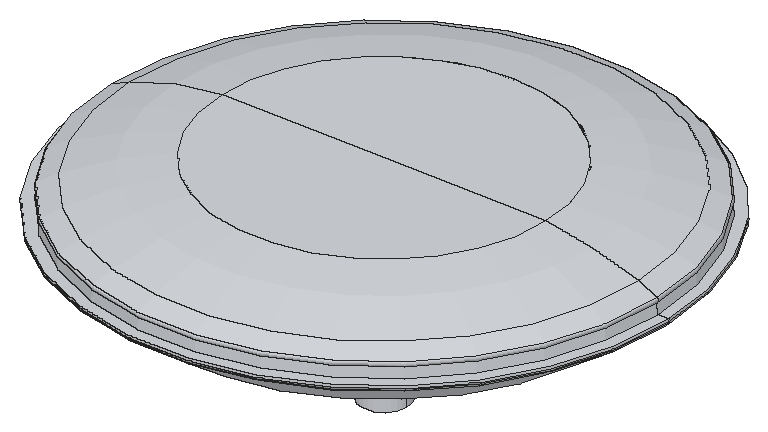
Revit family "Lighting-ArredoUrbano-GEWISS-URBAN[O3]-LED-INNESTO_LATERALE_OTTICA_ELLITTICA", category Apparecchi per illuminazione, host Superficie, Revit 2019
Family settings
  Host = Superficie
  Quota connettore circolare = Usa diametro
  Tipo di parte = Normale
  Numero OmniClass = 23.80.70.00
  Titolo OmniClass = Lighting
  Taglio con vuoti quando caricato = No
  Sorgente d'illuminazione = No
  Condiviso = No
  Punto di calcolo locali = Sì
Parameters (values of type "GWS7278 - URBAN LED 4M 4000K BIR.IN.LAT.O.E.GR.GRA")
  Visibility_label [instance] = yes
  Vetro = GEWISS - VETRO
  Versione file RFA = "20.11"
  Urbano 2D [instance] = yes
  Tipologia sorgente luminosa = "LED"
  Tipologia lampada = "LED"
  Tipo alimentatore = "Driver Led in corrente continua"
  Tensione: = "220/240 V - 50/60 Hz"
  Tensione = "220/240 V - 50/60 Hz - Biregime con autoapprendimento"
  Temperatura di utilizzo = "-25 +35 °C"
  Temperatura di funzionamento = "-25 +35 °C"
  Temperatura di colore: = "4000 K (CRI 70)"
  Temperatura di colore = "4000 K (CRI 70)"
  Superficie massima esposta al vento = "0,25M2"
  Spostamento_y_etichetta [instance] = 0 mm
  Spostamento_y_effettivo_etichetta [instance] = 1500 mm - Spostamento_y_etichetta  # 1500 mm
  Spostamento_x_etichetta [instance] = 0 mm
  Spostamento_x_effettivo_etichetta [instance] = 1500 mm - Spostamento_x_etichetta  # 1500 mm
  URL = "https://www.gewiss.com/it/it"
  Simbolo in pianta [instance] = not(Urbano 2D)  # no
  Scheda Tecnica = "https://www.gewiss.com/it/it/search?q=GWS7278"
  SEO = "Stradale"
  Rischio fotobiologico: = "RG1/RG2 @ 20cm"
  Rischio fotobiologico = "RG1/RG2 @ 20cm"
  Resistenza agli urti = "IK08 CORPO - IK06 LENTI"
  Default Elevation = 1219.2 mm
  Produttore = "GEWISS S.p.A."
  Potenza di sistema = "105W"
  Peso (kg): = "11"
  Peso (kg) = "11"
  Ottica = "Ellittica - ULOR: 0%"
  Numero moduli = "4 (4x16 LED)"
  N. moduli Chorus = "4 (4x16 LED)"
  Modello = "GWS7278"
  Lumen output (lm) = "11240"
  LED LifeTime (L90B20) = "50000H"
  LED LifeTime (L80B20) = "50000h"
  LED Life time (L80B10) = "100000H"
  Immagine tipo = GWS7251.jpg
  IFC.TypeObject = ""
  IFC.ExportType = ""
  IFC.ExportAs = ""
  IDT = "da31b83e-a88b-4408-9115-206c2dedd00b"
  IDF = "5ffb71a5-d642-42b0-a96d-c68381e7dd14"
  Grado di protezione = "IP66"
  Garanzia = "5 anni"
  FunzionalitÃ  alimentatore = "Biregime"
  Flusso nominale (lm) = "13400"
  Finitura = GEWISS - GRIGIO GRAFITE
  Distanza minima dall'oggetto illuminato = "1M"
  Descrizione = "URBAN LED 4M 4000K BIREGIME INNESTO LAT. OTTICA ELLITTICA GRIGIO"
  Creato da GEWISS S.p.A. = ""
  Corrente di pilotaggio LED = "530mA"
  Corrente di pilotaggio = "530mA"
  Colore = "Grigio grafite"
  Assembly Code = ""
  Codice Electrocod = "244C"
  Codice EAN = "8011564803022"
  Classe isolamento = "II"
  Catalogo Serie = "URBAN [O3]"
  Catalogo = "LIGHTING"
  COBie.Tagnumber = ""
  COBie.CreatedOn = ""
  COBie.CreatebBy = ""
  COBie.ComponentRegisterItemID = ""
  COBie.Component.TagNumber = ""
  COBie.Component.Space = ""
  COBie.Component.SerialNumber = ""
  COBie.Component.InstallationDate = ""
  COBie.Component.Description = ""
  COBie.Component.BarCode = ""
  Applicazione = "Esterno"
  Adatto per: = "Sbracci commerciali ad innesto laterale"
  Adatto per = "Sbracci commerciali ad innesto laterale"
Types (5, lengths in mm): name | Tensione | Scheda Tecnica | Potenza di sistema | Peso (kg): | Peso (kg) | Numero moduli | N. moduli Chorus | Modello | Lumen output (lm) | IDT | FunzionalitÃ  alimentatore | Flusso nominale (lm) | Descrizione | Codice EAN
  (no name) | "220/240 V - 50/60 Hz - Biregime con autoapprendimento" | "https://www.gewiss.com/it/it/search?q=GWS7278" | "105W" | "11" | "11" | "4 (4x16 LED)" | "4 (4x16 LED)" | "GWS7278" | "11240" | "da31b83e-a88b-4408-9115-206c2dedd00b" | "Biregime" | "13400" | "URBAN LED 4M 4000K BIREGIME INNESTO LAT. OTTICA ELLITTICA GRIGIO" | "8011564803022"
  GWS7257 - URBAN LED 3M 4000K IN.LAT.O.E.GR.GRA | "220/240 V - 50/60 Hz - Stand alone e/o dimmerabile 1-10 V" | "https://www.gewiss.com/it/it/search?q=GWS7257" | "81W" | "10,3" | "10,3" | "3 (3x16 LED)" | "3 (3x16 LED)" | "GWS7257" | "8590" | "b2496f14-95ba-4eb4-af21-854ec9100c59" | "" | "10230" | "URBAN LED 3M 4000K INNESTO LAT. OTTICA ELLITTICA GRIGIO" | "8011564802896"
  GWS7258 - URBAN LED 4M 4000K IN.LAT.O.E.GR.GRA | "220/240 V - 50/60 Hz - Stand alone e/o dimmerabile 1-10 V" | "https://www.gewiss.com/it/it/search?q=GWS7258" | "105W" | "11" | "11" | "4 (4x16 LED)" | "4 (4x16 LED)" | "GWS7258" | "11240" | "637938bb-ece8-4329-aa47-7e8c73773148" | "" | "13400" | "URBAN LED 4M 4000K INNESTO LAT. OTTICA ELLITTICA GRIGIO" | "8011564802902"
  GWS7277 - URBAN LED 3M 4000K BIR.IN.LAT.O.E.GR.GRA | "220/240 V - 50/60 Hz - Biregime con autoapprendimento" | "https://www.gewiss.com/it/it/search?q=GWS7277" | "81W" | "10,3" | "10,3" | "3 (3x16 LED)" | "3 (3x16 LED)" | "GWS7277" | "8590" | "f4ae0c29-da8a-4941-ba0f-c63152357ede" | "Biregime" | "10230" | "URBAN LED 3M 4000K BIREGIME INNESTO LAT. OTTICA ELLITTICA GRIGIO" | "8011564803015"
  GWS7278 - URBAN LED 4M 4000K BIR.IN.LAT.O.E.GR.GRA | "220/240 V - 50/60 Hz - Biregime con autoapprendimento" | "https://www.gewiss.com/it/it/search?q=GWS7278" | "105W" | "11" | "11" | "4 (4x16 LED)" | "4 (4x16 LED)" | "GWS7278" | "11240" | "da31b83e-a88b-4408-9115-206c2dedd00b" | "Biregime" | "13400" | "URBAN LED 4M 4000K BIREGIME INNESTO LAT. OTTICA ELLITTICA GRIGIO" | "8011564803022"
Reference planes
  plane 1 "Centro (Fronte/Retro)": y = 0
  plane 2: z = 0
  plane 3 "Centro (Sinistra/Destra)": x = 0
  plane 4: x = -1500
  plane 5: y = -1500
  plane 6: x = 0
  plane 7: y = 0
Lines and regions (mm)
  Masking region 1, visible <- "Urbano 2D"
    outline origin (0, 0, 0) x (1, 0, 0) y (0, 1, 0)
      loop
        circle (0.023, 0) r 285.143
  symbolic lines, visible <- "Urbano 2D"
    curve 1: circle (-2.469, 0, 0) r 185 normal (0, 0, 1)
Dimensions and locks
  plane 4 to plane 3 "Centro (Sinistra/Destra)" = 1500 mm
  "Spostamento_x_effettivo_etichetta": plane 4 to plane 6
  plane 1 "Centro (Fronte/Retro)" to plane 5 = 1500 mm
  "Spostamento_y_effettivo_etichetta": plane 7 to plane 5
  radius of Masking region 1 sketch curve = 285.143 mm
  aligned and locked: plane 2 to host face
  aligned and locked: level to host face
  aligned and locked: plane 3 "Centro (Sinistra/Destra)" to nested 1
  aligned and locked: plane 3 "Centro (Sinistra/Destra)" to nested 2
  aligned and locked: plane 1 "Centro (Fronte/Retro)" to nested 2
  aligned and locked: nested 2 to host face
  aligned and locked: plane 6 to nested 3
  aligned and locked: nested 3 to plane 7
Automatic sketch dimensions
  host sketch curve to host sketch curve = 2438.4 mm  (x2)
  plane 1 "Centro (Fronte/Retro)" to Masking region 1 sketch curve = 0 mm
  plane 3 "Centro (Sinistra/Destra)" to Masking region 1 sketch curve = 0.023 mm
  plane 1 "Centro (Fronte/Retro)" to curve 1 = 0 mm
  curve 1 to plane 3 "Centro (Sinistra/Destra)" = 2.469 mm
  radius of curve 1 = 185 mm
Nested families
  nested 1: "URBANO_annotazione" at (0, 0, 0), visible <- "Simbolo in pianta", type "URBANO_annotazione"
  nested 2: "Generico - URBAN[O3] ILLUM URBANA LED INNESTO LAT OTTICA ELLITT" at (0, 0, 215.679) x (1, 0, 0) z (0, 0, -1), type "Generico - URBAN[O3] ILLUM URBANA LED INNESTO LAT OTTICA ELLITT"
  nested 3: "ETICHETTA LIGHT" at (0, 0, 0), visible <- "Visibility_label", type "ETICHETTA LIGHT"
Definition of nested family "Generico - URBAN[O3] ILLUM URBANA LED INNESTO LAT OTTICA ELLITT"
  Parameters (values of type "Generico - URBAN[O3] ILLUM URBANA LED INNESTO LAT OTTICA ELLITT")
    Default Elevation = 1219.2 mm
  Reference planes
    plane 1 "Centro (Fronte/Retro)": y = 0
    plane 2: z = 0
    plane 3 "Centro (Sinistra/Destra)": x = 0
    plane 4: z = 33.903
    plane 5: z = 44.56
    plane 6: z = 150.179
    plane 7: z = 175.679
    plane 8: z = 195.679
    plane 9: z = 215.679
    plane 10: x = -22.868
    plane 11: x = -28.868
    plane 12: x = -32.868
  Forms (mm)
    Revolve 1, solid
      sketch origin (0, 0, 0) x (1, 0, 0) y (0, 0, 1)
        loop
          line (0, 145.179) -> (-39.848, 145.179) -> (-43.403, 143.885)
          arc (-43.403, 143.885) -> (-170.03, 116.692) -> (-281.867, 51.376) r 410.213
          arc (-281.867, 51.376) -> (-283.095, 50.238) -> (-284.305, 49.08) r 104.477
          arc (-284.305, 49.08) -> (-284.915, 48.205) -> (-285.157, 47.166) r 2.821
          line (-285.157, 47.166) -> (-285.157, 44.56) -> (0, 44.56) -> (0, 145.179)
        axis (0, 145.179) -> (0, 44.56)
      angle from 0 to 360
    Revolve 2, solid
      sketch origin (0, 0, 0) x (1, 0, 0) y (0, 0, 1)
        loop
          line (0, 44.56) -> (-273.995, 44.56) -> (-273.274, 33.903)
          arc (-273.274, 33.903) -> (-274.138, 31.863) -> (-273.281, 29.819) r 2.854
          arc (-273.281, 29.819) -> (-264.038, 25.43) -> (-254.645, 21.373) r 286.239
          arc (-254.645, 21.373) -> (-209.229, 6.908) -> (-162.069, 0) r 292.91
          line (-162.069, 0) -> (0, 0) -> (0, 44.56)
        axis (0, 44.56) -> (0, 0)
      angle from 0 to 360
    Revolve 3, solid
      sketch origin (0, 0, 0) x (1, 0, 0) y (0, 0, 1)
        loop
          line (-28.868, 195.679) -> (-28.868, 175.679) -> (-32.868, 175.679) -> (-32.868, 150.179) -> (0, 150.179) -> (0, 215.679) -> (-22.868, 215.679) -> (-22.868, 195.679) -> (-28.868, 195.679)
        axis (0, 215.679) -> (0, 150.179)
      angle from 0 to 360
  Lines and regions (mm)
    model lines
      curve 1: line (0, 0, 149.579) -> (0, 0, 134.579)
  Dimensions and locks
    locked: plane 5 to plane 4 at 10.656
    plane 4 to plane 2 = 33.903 mm
    locked: plane 7 to plane 6 at 25.5
    locked: plane 8 to plane 7 at 20
    locked: plane 9 to plane 8 at 20
    locked: plane 3 "Centro (Sinistra/Destra)" to plane 10 at 22.868
    locked: plane 11 to plane 10 at 6
    locked: plane 12 to plane 11 at 4
    aligned and locked: level to plane 2
    aligned and locked: Revolve 1 sketch curve to plane 5
    aligned and locked: Revolve 1 sketch curve to plane 3 "Centro (Sinistra/Destra)"
    aligned and locked: Revolve 2 sketch curve to plane 5
    aligned and locked: Revolve 2 sketch curve to level
    aligned and locked: Revolve 2 sketch curve to plane 3 "Centro (Sinistra/Destra)"
    aligned and locked: Revolve 3 sketch curve to plane 8
    aligned and locked: Revolve 3 sketch curve to plane 7
    aligned and locked: Revolve 3 sketch curve to plane 6
    aligned and locked: Revolve 3 sketch curve to plane 3 "Centro (Sinistra/Destra)"
    aligned and locked: Revolve 3 sketch curve to plane 10
    aligned and locked: Revolve 3 sketch curve to plane 11
    aligned and locked: Revolve 3 sketch curve to plane 12
    aligned and locked: Revolve 3 sketch curve to plane 9
Definition of nested family "URBANO_annotazione"
  Reference planes
    plane 1: y = 0
    plane 2: x = 0
  Lines and regions (mm)
    detail lines
      curve 1: circle (0.023, 0.036, 0) r 2.492 normal (0, 0, 1)
      curve 2: line (-1.739, 1.798, 0) -> (1.785, -1.726, 0)
      curve 3: line (-1.739, -1.726, 0) -> (1.785, 1.798, 0)
Definition of nested family "ETICHETTA LIGHT"
  Parameters (values of type "ETICHETTA LIGHT")
    COMMENTI = "32W"
  Reference planes
    plane 1: y = 0
    plane 2: x = 0
  Text (mm)
    label "COMMENTI" at (-0.057, 0.105, 0), shows "COMMENTI"
